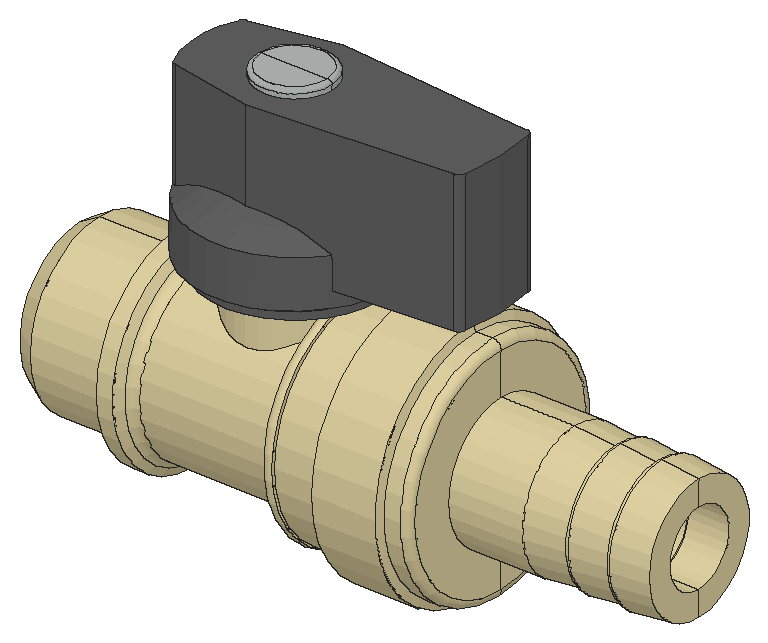
Revit family "QL23921015", category Apparecchi idraulici, Revit 2020
Family settings
  Quota connettore circolare = Usa diametro
  Tipo di parte = Normale
  Numero OmniClass = 23.45.00.00
  Titolo OmniClass = Sanitary, Laundry, and Cleaning Equipment
  Basato su piano di lavoro = No
  Sempre verticale = Sì
  Taglio con vuoti quando caricato = No
  Condiviso = No
  Punto di calcolo locali = No
Parameters
  URL = "https://web.cimberio.it/index.php/figura/948?subcategoria_id="
  Temperatura di esercizio = "-20 ÷ 90°C"
  Prospetto di default = 0 mm
  Produttore = "CIMBERIO SPA"
  Pressione nominale = "PN 16"
  Modello = "Cim 193/1"
  Materiale = "Prodotto in lega di ottone conforme alla norma EN 12165-CW617N-DW"
  Descrizione = "Realizzato in ottemperanza ai requisiti gestionali della norma EN ISO 9001.\r\nCollaudato al 100% secondo la normativa EN 12266-1.\r\nUtilizzato per impianti idraulici domestici e commerciali, impianti di riscaldamento come scarico caldaia"
  DN [instance] = 9 mm
  Type Comments = ""
Reference planes
  plane 1 "Centro (Fronte/Retro)": y = 0
  plane 2: z = 0
  plane 3 "Centro (Sinistra/Destra)": x = 0
Forms (mm)
  Revolve 1, solid, material "Cim_Lega di ottone gialla filetto"
    sketch origin (0, 0, 0) x (1, 0, 0) y (0, 0, 1)
      loop
        line (-26, 4.5) -> (-14, 4.5) -> (-14, 10.45) -> (-23.59, 10.45) -> (-26, 9.007) -> (-26, 4.5)
      axis (-26, 0) -> (-14, 0)
    angle from 0 to 360
  Revolve 2, solid, material "Cim_Lega di ottone gialla"
    sketch origin (0, 0, 0) x (1, 0, 0) y (0, 0, 1)
      loop
        line (-14, -4.5) -> (-14, -12.5) -> (-12, -12.5) -> (-11.423, -11.5)
        arc (-11.423, -11.5) -> (-10.874, -10.951) -> (-10.124, -10.75) r 1.5
        line (-10.124, -10.75) -> (5.412, -10.75) -> (6.711, -13)
        arc (6.711, -13) -> (7.277, -13.454) -> (8, -13.406) r 1
        line (8, -13.406) -> (8, -4.5) -> (-14, -4.5)
      axis (-14, 0) -> (8, 0)
    angle from 0 to 360
  Revolve 3, solid, material "Cim_Lega di ottone gialla filetto"
    sketch origin (0, 0, 0) x (1, 0, 0) y (0, 0, 1)
      loop
        line (8, 13.125) -> (8, 4.5) -> (13.5, 4.5) -> (13.5, 13.125) -> (8, 13.125)
      axis (8, 0) -> (13.5, 0)
    angle from 0 to 360
  Revolve 4, solid, material "Cim_Lega di ottone gialla"
    sketch origin (0, 0, 0) x (1, 0, 0) y (0, 0, 1)
      loop
        arc (25, 13) -> (24.707, 13.707) -> (24, 14) r 1
        line (24, 14) -> (22, 14) -> (21.733, 14.997) -> (14.075, 14.997) -> (13.5, 13.943) -> (13.5, 4.5) -> (25, 4.5) -> (25, 13)
      axis (13.5, 0) -> (25, 0)
    angle from 0 to 360
  Revolve 5, solid, material "Cim_Lega di ottone gialla"
    sketch origin (0, 0, 0) x (1, 0, 0) y (0, 0, 1)
      loop
        line (34, 8) -> (25, 8) -> (25, 4.5) -> (39, 4.5) -> (39, 7.5) -> (34, 8)
      axis (39, 0) -> (25, 0)
    angle from 0 to 360
  Revolve 6, solid, material "Cim_Lega di ottone gialla"
    sketch origin (0, 0, 0) x (1, 0, 0) y (0, 0, 1)
      loop
        line (44, 7.5) -> (39.518, 7.969)
        arc (39.518, 7.969) -> (39.155, 7.851) -> (39, 7.502) r 0.469
        line (39, 7.502) -> (39, 4.5) -> (44, 4.5) -> (44, 7.5)
      axis (39, 0) -> (44, 0)
    angle from 0 to 360
  Revolve 7, solid, material "Cim_Lega di ottone gialla"
    sketch origin (5, 0, 0) x (1, 0, 0) y (0, 0, 1)
      loop
        line (44, 7.5) -> (39.518, 7.969)
        arc (39.518, 7.969) -> (39.155, 7.851) -> (39, 7.502) r 0.469
        line (39, 7.502) -> (39, 4.5) -> (44, 4.5) -> (44, 7.5)
      axis (39, 0) -> (44, 0)
    angle from 0 to 360
  Revolve 8, solid, material "Cim_Lega di ottone gialla"
    sketch origin (0, 0, 0) x (1, 0, 0) y (0, 0, 1)
      loop
        line (0, 18.3) -> (0, 7.255) -> (7.335, 7.255) -> (7.335, 16.85) -> (6.5, 16.85) -> (6.5, 18.3) -> (0, 18.3)
      axis (0, 18.3) -> (0, 7.255)
    angle from 0 to 360
  Revolve 9, solid, material "Cim_Gomma"
    sketch origin (0, 0, 0) x (1, 0, 0) y (0, 0, 1)
      loop
        line (0, 13.3) -> (0, 24.232)
        arc (0, 24.232) -> (-6.19, 23.617) -> (-11.799, 20.928) r 17.959
        line (-11.799, 20.928) -> (-11.9, 15.166) -> (-10.305, 14.245) -> (-10.305, 13.3) -> (0, 13.3)
      axis (0, 24.232) -> (0, 13.3)
    angle from 0 to 360
  Extrusion 10, solid, material "Cim_Gomma"
    sketch origin (0, 0, 0) x (1, 0, 0) y (0, 1, 0)
      loop
        arc (-10.06, 5.415) -> (-10.443, 5.242) -> (-10.723, 4.923) r 0.886
        arc (-10.723, 4.923) -> (-11.799, -0.045) -> (-10.672, -5) r 11.799
        arc (-10.672, -5) -> (-10.403, -5.334) -> (-10.012, -5.508) r 0.907
        arc (-10.012, -5.508) -> (-5.001, -6.428) -> (0.006, -7.374) r 970.03
        line (0.006, -7.374) -> (23.658, -5.5)
        arc (23.658, -5.5) -> (24.243, -5.247) -> (24.556, -4.691) r 1
        arc (24.556, -4.691) -> (25, 0) -> (24.556, 4.691) r 25
        arc (24.556, 4.691) -> (24.239, 5.25) -> (23.647, 5.501) r 1
        line (23.647, 5.501) -> (0.006, 7.374)
        arc (0.006, 7.374) -> (-5.024, 6.381) -> (-10.06, 5.415) r 970.804
    from 17.1 to 34.1
  Revolve 11, solid, material "Cim_Lega di ottone"
    sketch origin (0, 0, 0) x (1, 0, 0) y (0, 0, 1)
      loop
        line (4, 35.1) -> (0, 35.1) -> (0, 33.382) -> (4.5, 33.382) -> (4.5, 34.6)
        arc (4.5, 34.6) -> (4.354, 34.954) -> (4, 35.1) r 0.5
      axis (0, 35.1) -> (0, 33.382)
    angle from 0 to 360
Dimensions and locks
  aligned and locked: level to plane 2
Connectors
  piping at (49, 0, 0), diameter 9, driven by "DN"
    settings: on Revolve 7, index 1, connector inside diameter 609.6 mm, connector length 0 mm, flow factor 0, pipe flow 0.0 L/s, pressure drop 0.0 Pa, fitting loss kfactor 0, connector angle 0.00°, fixture units 0, engagement length 0 mm, angle of deflection 0.00°, flow configuration 0, flow direction 0, fitting loss method 0, system type 7, joint type 0, gender type 0, connector reference index -1, connector utility 0, adjustable connector no, is connector primary yes, connector description ""
  piping at (-26, 0, 0), diameter 9, driven by "DN"
    settings: on Revolve 1, index 2, connector inside diameter 609.6 mm, connector length 0 mm, flow factor 0, pipe flow 0.0 L/s, pressure drop 0.0 Pa, fitting loss kfactor 0, connector angle 0.00°, fixture units 0, engagement length 0 mm, angle of deflection 0.00°, flow configuration 0, flow direction 0, fitting loss method 0, system type 7, joint type 0, gender type 0, connector reference index -1, connector utility 0, adjustable connector no, is connector primary no, connector description ""
